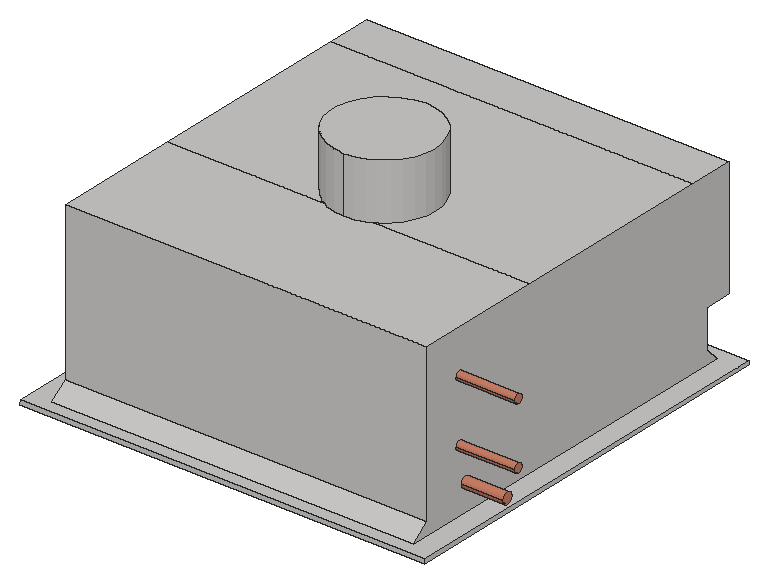
Revit family "HVAC-Chilled_Beam-Dadanco-ACB44", category Mechanical Equipment, Revit 2018
Family settings
  Round Connector Dimension = Use Diameter
  Part Type = Normal
  OmniClass Number = 23.75.70.17.31
  OmniClass Title = Induction Units
  Work Plane-Based = No
  Always vertical = Yes
  Cut with Voids When Loaded = No
  Shared = No
  Room Calculation Point = No
Parameters (values of type "2' Nominal Length")
  not 2plong [instance] = not(and(Long, [2 Pipe Coil Configuration]))  # yes
  chw top right [instance] = and(or([2PLong], [4pshort]), Coil Connection Right)  # no
  chw top left [instance] = and(or([2PLong], [4pshort]), Coil Connection Left)  # no
  chw bot right [instance] = and(Coil Connection Right, not 2plong)  # yes
  chw bot left [instance] = and(Coil Connection Left, not 2plong)  # no
  Zone Name [instance] = ""
  Zone ID [instance] = ""
  Unit Width = 1' - 11 3/4"  # constant formula
  Unit Weight = if(Nominal Unit Length = 2' 0", "55 lb", "105 lb")  # "55 lb"
  Unit Tag [instance] = ""
  Unit Height = 0' - 10 49/256"  # constant formula
  Total Cooling Capacity = 0.0 Btu/h
  TopTwo Pressure Drop [instance] = if(Short, SCHW Pressure Drop, SHHW Pressure Drop)  # 0 Pa
  TopTwo Flow [instance] = if(Short, SCHW Flow, SHHW Flow)  # 0 GPM
  Supply Air = 0 CFM
  Sound Level dBA = ""
  Sound Level NC = ""
  Short = not(Long)  # yes
  Secondary Air Sensible Heating = 0.0 Btu/h
  Secondary Air Sensible Cooling = 0.0 Btu/h
  SHHW Temperature = 0 °F
  SHHW Pressure Drop [instance] = HWPD  # 0 Pa
  SHHW Flow [instance] = HWF  # 0 GPM
  SCHW Temperature = 0 °F
  SCHW Pressure Drop [instance] = CWPD  # 0 Pa
  SCHW Flow [instance] = CWF  # 0 GPM
  Primary Air Static Pressure [instance] = PASP  # 0.00 in-wg
  Primary Air Inlet Top [instance] = not(Primary Air Inlet Back)  # yes
  Primary Air Inlet Size = 0' - 6"
  Primary Air Inlet Back [instance] = no
  Primary Air Flow Rate [instance] = PA  # 0 CFM
  PASP = 0.00 in-wg
  PA = 0 CFM
  Origin1 = Nominal Unit Length / 2  # 1' - 0"
  Nozzle Configuration = ""
  Nominal Unit Length = 2' - 0"
  Net Unit Heating Sensible = 0.0 Btu/h
  Net Unit Cooling Sensible = 0.0 Btu/h
  Unit Length = Nominal Unit Length - 0' 0 1/4"  # 1' - 11 3/4"
  URL = "http://www.dadanco.com/"
  Type Comments = "4-way Discharge Vertical Coil, Optional Drain Pan"  # constant formula
  SHHW Temp Out = 0 °F
  SCHW Temp Out = 0 °F
  Product Page URL = ""
  Long = if(Nominal Unit Length > 3' 0", 1 = 1, 1 = 0)  # no
  Latent Cooling = 0.0 Btu/h
  Keynote = ""
  Heating Supply Air Temperature = 0 °F
  Heating Room Dry Bulb = 0 °F
  Heating Primary Air Dry Bulb = 0 °F
  HWPD = 0 Pa
  HWF = 0 GPM
  Front Back Air Inlet [instance] = or(Primary Air Inlet Top, Primary Air Inlet Back)  # yes
  Pipe Material = Metal-Dadanco-Copper-Satin
  Pipe Coil Outlet = "2 Pipe Coi, 0.5 inch SWT Stub Coil Connection"
  Pipe Coil Inlet = "2 Pipe Coi, 0.5 inch SWT Stub Coil Connection"
  Drain Right [instance] = and(Coil Connection Right, Drain Pan)  # yes
  Drain Pan = yes
  Drain Left [instance] = and(Coil Connection Left, Drain Pan)  # no
  Documentation Link = ""
  Cooling Supply Air Temperature = 0 °F
  Cooling Room Relative Humidity = 0
  Cooling Room Dry Bulb = 0 °F
  Cooling Primary Air Wet Bulb = 0 °F
  Cooling Primary Air Dry Bulb = 0 °F
  Coil Connection Right [instance] = yes
  Coil Connection Left [instance] = not(Coil Connection Right)  # no
  Revision Date = "3/22/2022"  # constant formula
  Coil Length = if(Nominal Unit Length = 2' 0", 2' 0", if(Nominal Unit Length = 4' 0", 3' 4", if(Nominal Unit Length = 6' 0", 5' 4", 0' 0")))  # 2' - 0"
  Model = "ACB44"  # constant formula
  Manufacturer = "Dadanco"  # constant formula
  Housing Material = Metal-Dadanco-Steel-Galvanized
  Description = "Active Chilled Beam"  # constant formula
  CWPD = 0 Pa
  CWF = 0 GPM
  4pshort [instance] = and([4 Pipe Coil Configuration], Short)  # no
  4 Pipe Right [instance] = and([4 Pipe Coil Configuration], Coil Connection Right)  # no
  4 Pipe Left [instance] = and([4 Pipe Coil Configuration], Coil Connection Left)  # no
  4 Pipe Coil Configuration Right Short [instance] = and([4 Pipe Coil Configuration], Coil Connection Right, Short)  # no
  4 Pipe Coil Configuration Right Long [instance] = and([4 Pipe Coil Configuration], Coil Connection Right, Long)  # no
  4 Pipe Coil Configuration Left Short [instance] = and([4 Pipe Coil Configuration], Coil Connection Left, Short)  # no
  4 Pipe Coil Configuration Left Long [instance] = and([4 Pipe Coil Configuration], Coil Connection Left, Long)  # no
  4 Pipe Coil Configuration = if([2 or 4 pipe] = 4, 1 = 1, 1 = 0)  # no
  2PLong [instance] = and([2 Pipe Coil Configuration], Long)  # no
  2 or 4 pipe = 2
  2 Pipe Coil Configuration Right Short [instance] = and([2 Pipe Coil Configuration], Coil Connection Right, Short)  # yes
  2 Pipe Coil Configuration Right Long [instance] = and([2 Pipe Coil Configuration], Coil Connection Right, Long)  # no
  2 Pipe Coil Configuration Left Short [instance] = and([2 Pipe Coil Configuration], Coil Connection Left, Short)  # no
  2 Pipe Coil Configuration Left Long [instance] = and([2 Pipe Coil Configuration], Coil Connection Left, Long)  # no
  2 Pipe Coil Configuration = if([2 or 4 pipe] = 2, 1 = 1, 1 = 0)  # yes
  Assembly Code = "D3040100"
Types (3): name | not 2plong | chw top right | chw bot right | Unit Weight | Short | Origin1 | Nominal Unit Length | Unit Length | Long | Coil Length | 2PLong | 2 Pipe Coil Configuration Right Short | 2 Pipe Coil Configuration Right Long
  (no name) | yes | no | yes | "55 lb" | yes | 1' - 0" | 2' - 0" | 1' - 11 3/4" | no | 2' - 0" | no | yes | no
  4' Nominal Length | no | yes | no | "105 lb" | no | 2' - 0" | 4' - 0" | 3' - 11 3/4" | yes | 3' - 4" | yes | no | yes
  2' Nominal Length | yes | no | yes | "55 lb" | yes | 1' - 0" | 2' - 0" | 1' - 11 3/4" | no | 2' - 0" | no | yes | no
Reference planes (in)
  plane 1 "Center (Front/Back)": y = 0.99087
  plane 2 "Top Face of Plenum": z = 10.19141
  plane 3 "Center (Left/Right)": x = 0.55581
  plane 4 "Right End": x = 12.43081
  plane 5 "Bottom Face": z = 0
  plane 6 "Left End": x = -11.31919
  plane 7 "Back_end": y = 12.86587
  plane 8 "Front End": y = -10.88413
  plane 9 "Sidedct_H": z = 6.69
  plane 10 "sidepl_bnd": z = 1
  plane 11 "bend_frt": y = -9.13413
  plane 12 "bnd_back": y = 11.36587
  plane 13 "plen_bot": z = 3.25
  plane 14 "pln_face": y = 12.99087
  plane 15 "Drain_back": y = 8.36587
  plane 16 "drain_frt": y = -6.38413
  plane 17 "drain_h": z = 1.89
  plane 18 "2p_2FT_rh": y = -6.82913
  plane 19 "BKT-RIGHT": x = 23.18081
  plane 20 "BKT-LEFT": x = -22.06919
  plane 21 "CHW_Bot": z = 4.019
  plane 22 "2P_2FT_H2": z = 7.679
  plane 23 "2P_2FT_LH": y = 8.81087
  plane 24 "2P_4FT_H": z = 4.989
  plane 25 "2P_4FT_H2": z = 7.249
  plane 26 "4P_BOT_TUBE": z = 5.909
  plane 27 "4P_4FT_CHW_TOP": z = 6.379
  plane 28 "back_bkt_outer_hole": y = 8.86587
  plane 29 "Bkt_outerhole_in": y = 7.86587
  plane 30 "bkt_hol_rs": x = 11.93081
  plane 31 "bkt_hole_Ls": x = 11.43081
  plane 32 "bkt_ctr": y = 6.86587
Forms (in)
  Extrusion 1, solid, material "Metal-Dadanco-Steel-Galvanized" <- "Housing Material"
    sketch origin (0.55581, 0, -0.011) x (0, 1, 0) y (0, 0, 1)
      loop
        line (-9.13413, 10.20241) -> (-9.13413, 1.011) -> (-10.13413, 0.25) -> (-10.88413, 0.25) -> (-10.88413, 0) -> (12.86587, 0) -> (12.86587, 0.25) -> (12.12687, 0.25) -> (11.36587, 1.011) -> (11.36587, 3.261) -> (12.99087, 3.261) -> (12.99087, 10.20241) -> (10.36587, 10.20241) -> (-1.63413, 10.20241) -> (-9.13413, 10.20241)
    from -11.875 to 11.875
  Extrusion 2, solid, material "Metal-Dadanco-Steel-Galvanized", visible <- "Primary Air Inlet Back"
    sketch origin (0.55581, 12.99087, 0.45694) x (0, 0, 1) y (1, 0, 0)
      loop
        circle (6.24041, 0) r 3
    from 0 to 2.83
  Extrusion 3, void
    sketch origin (-11.31919, 0, -0.011) x (0, 1, 0) y (0, 0, 1)
      loop
        line (12.99087, 10.20241) -> (-10.88413, 10.20241) -> (-10.88413, 0.25) -> (12.99087, 0.25) -> (12.99087, 10.20241)
    from 0 to 1.25
  Extrusion 4, solid, material "Metal-Dadanco-Steel-Galvanized", visible <- "Primary Air Inlet Top"
    sketch origin (0.55581, 9.34681, 10.19141) x (0, -1, 0) y (1, 0, 0)
      loop
        circle (8.3446, 0) r 3
    from 0 to 3.30078
  Extrusion 5, void
    sketch origin (12.43081, 0, -0.011) x (0, -1, 0) y (0, 0, 1)
      loop
        line (-12.99087, 10.20241) -> (-12.99087, 0.25) -> (10.88413, 0.25) -> (10.88413, 10.20241) -> (-12.99087, 10.20241)
    from 0 to 1.25
  Extrusion 6, solid, material "Metal-Dadanco-Copper-Satin" <- "Pipe Material", visible <- "Drain Right"
    sketch origin (12.43081, 0, 0) x (0, 1, 0) y (0, 0, -1)
      loop
        circle (-6.38413, -1.89) r 0.3125
    from 1.25 to -1.25
  Extrusion 7, solid, material "Metal-Dadanco-Copper-Satin" <- "Pipe Material", visible <- "Drain Left"
    sketch origin (-11.31919, 29.0104, 48) x (0, 1, 0) y (0, 0, 1)
      loop
        circle (-20.64453, -46.11) r 0.3125
    from 1.25 to -1.25
  Extrusion 8, solid, material "Metal-Dadanco-Copper-Satin" <- "Pipe Material", visible <- "2 Pipe Coil Configuration Right Short"
    sketch origin (12.43081, -5.61829, 4.02293) x (0, 1, 0) y (0, 0, -1)
      loop
        circle (-1.21075, -3.65593) r 0.25
    from 1.25 to -2.25
  Extrusion 9, solid, material "Metal-Dadanco-Copper-Satin" <- "Pipe Material", visible <- "chw bot right"
    sketch origin (12.43081, -5.61733, 0.16814) x (0, 1, 0) y (0, 0, -1)
      loop
        circle (-1.21198, -3.85143) r 0.25
    from 1.25 to -2.25
  Extrusion 10, solid, material "Metal-Dadanco-Copper-Satin" <- "Pipe Material", visible <- "chw bot left"
    sketch origin (-11.31919, 29.0104, 48) x (0, 1, 0) y (0, 0, 1)
      loop
        circle (-20.19881, -43.98147) r 0.25
    from 1.25 to -2.25
  Extrusion 11, solid, material "Metal-Dadanco-Copper-Satin" <- "Pipe Material", visible <- "2 Pipe Coil Configuration Left Short"
    sketch origin (-11.31919, 36.83806, 47.64518) x (0, 1, 0) y (0, 0, 1)
      loop
        circle (-28.02802, -39.96586) r 0.25
    from 1.25 to -2.25
  Extrusion 12, solid, material "Metal-Dadanco-Copper-Satin" <- "Pipe Material", visible <- "chw top right"
    sketch origin (12.43081, 0, 0) x (0, 1, 0) y (0, 0, -1)
      loop
        circle (-6.82913, -7.249) r 0.25
    from 1.25 to -2.25
  Extrusion 13, solid, material "Metal-Dadanco-Copper-Satin" <- "Pipe Material", visible <- "2 Pipe Coil Configuration Right Long"
    sketch origin (12.43081, 0, -2.33) x (0, 1, 0) y (0, 0, -1)
      loop
        circle (-6.82913, -7.319) r 0.25
    from 1.25 to -2.25
  Extrusion 14, solid, material "Metal-Dadanco-Copper-Satin" <- "Pipe Material", visible <- "chw top left"
    sketch origin (-11.31919, 29.0104, 48) x (0, 1, 0) y (0, 0, 1)
      loop
        circle (-20.19953, -40.751) r 0.25
    from 1.25 to -2.25
  Extrusion 15, solid, material "Metal-Dadanco-Copper-Satin" <- "Pipe Material", visible <- "2 Pipe Coil Configuration Left Long"
    sketch origin (-11.31919, 29.0104, 45.67) x (0, 1, 0) y (0, 0, 1)
      loop
        circle (-20.19953, -40.681) r 0.25
    from 1.25 to -2.25
  Extrusion 16, solid, material "Metal-Dadanco-Copper-Satin" <- "Pipe Material", visible <- "4 Pipe Coil Configuration Right Long"
    sketch origin (12.43081, 0, 0) x (0, 1, 0) y (0, 0, -1)
      loop
        circle (8.81087, -7.679) r 0.24911
    from 1.25 to -2.25
  Extrusion 17, solid, material "Metal-Dadanco-Copper-Satin" <- "Pipe Material", visible <- "2 Pipe Coil Configuration Left Short"
    sketch origin (-11.31919, 29.0104, 48) x (0, 1, 0) y (0, 0, 1)
      loop
        circle (-20.19953, -40.321) r 0.24911
    from 1.25 to -2.25
  Extrusion 18, solid, material "Metal-Dadanco-Copper-Satin" <- "Pipe Material", visible <- "4 Pipe Right"
    sketch origin (12.43081, 0, 0) x (0, 1, 0) y (0, 0, -1)
      loop
        circle (8.81087, -5.909) r 0.25
    from 1.25 to -2.25
  Extrusion 19, solid, material "Metal-Dadanco-Copper-Satin" <- "Pipe Material", visible <- "4 Pipe Left"
    sketch origin (-11.31919, 29.0104, 48) x (0, 1, 0) y (0, 0, 1)
      loop
        circle (-35.83953, -42.091) r 0.25
    from 1.25 to -2.25
  Extrusion 20, solid, material "Metal-Dadanco-Copper-Satin" <- "Pipe Material", visible <- "4 Pipe Coil Configuration Right Long"
    sketch origin (12.43081, 0, 0) x (0, 1, 0) y (0, 0, -1)
      loop
        circle (-6.82913, -6.379) r 0.25
    from 1.25 to -2.25
  Extrusion 21, solid, material "Metal-Dadanco-Copper-Satin" <- "Pipe Material", visible <- "4 Pipe Coil Configuration Left Long"
    sketch origin (-11.31919, 29.0104, 48) x (0, 1, 0) y (0, 0, 1)
      loop
        circle (-20.19953, -41.621) r 0.25
    from 1.25 to -2.25
  Extrusion 22, solid, material "Metal-Dadanco-Copper-Satin" <- "Pipe Material", visible <- "4 Pipe Coil Configuration Left Long"
    sketch origin (-11.31919, 29.0104, 48) x (0, 1, 0) y (0, 0, 1)
      loop
        circle (-35.83953, -40.321) r 0.2499
    from 1.25 to -2.25
  Extrusion 23, solid, material "Metal-Dadanco-Copper-Satin" <- "Pipe Material", visible <- "4 Pipe Coil Configuration Right Short"
    sketch origin (12.43081, 0, 0) x (0, 1, 0) y (0, 0, -1)
      loop
        circle (8.81087, -7.249) r 0.25
    from 1.25 to -2.25
  Extrusion 24, solid, material "Metal-Dadanco-Copper-Satin" <- "Pipe Material", visible <- "4 Pipe Coil Configuration Left Short"
    sketch origin (-11.31919, 29.0104, 48) x (0, 1, 0) y (0, 0, 1)
      loop
        circle (-35.83953, -40.751) r 0.25
    from 1.25 to -2.25
  Extrusion 25, solid, material "Metal-Dadanco-Steel-Galvanized" <- "Housing Material", not visible
    sketch origin (0, 0.99087, 0) x (1, 0, 0) y (0, 0, 1)
      loop
        line (11.18081, 9.94141) -> (11.18081, 9.38141) -> (11.24081, 9.38141) -> (11.24081, 9.88141) -> (12.18081, 9.88141) -> (12.18081, 9.94141) -> (11.18081, 9.94141)
    from -8.5 to -3.25
  Extrusion 26, void
    sketch origin (11.18081, 0.99087, 9.94141) x (0, 1, 0) y (1, 0, 0)
      loop
        spline (7.62886, 0.25) -> (7.69356, 0.25852) -> (7.75386, 0.28349) -> (7.80563, 0.32322) -> (7.84536, 0.375) -> (7.87034, 0.4353) -> (7.87886, 0.5) -> (7.87034, 0.5647) -> (7.84536, 0.625) -> (7.80563, 0.67678) -> (7.75386, 0.71651) -> (7.69356, 0.74148) -> (7.62886, 0.75)
        line (7.62886, 0.75) -> (7.125, 0.75)
        spline (7.125, 0.75) -> (7.0603, 0.74148) -> (7, 0.71651) -> (6.94822, 0.67678) -> (6.90849, 0.625) -> (6.88352, 0.5647) -> (6.875, 0.5) -> (6.88352, 0.4353) -> (6.90849, 0.375) -> (6.94822, 0.32322) -> (7, 0.28349) -> (7.0603, 0.25852) -> (7.125, 0.25)
        line (7.125, 0.25) -> (7.62886, 0.25)
    from 0.0625 to -0.0625
  Extrusion 27, void
    sketch origin (11.18081, 12.74087, 9.94141) x (0, 1, 0) y (1, 0, 0)
      loop
        line (-7.62886, 0.25) -> (-7.125, 0.25)
        spline (-7.125, 0.25) -> (-7.0603, 0.25852) -> (-7, 0.28349) -> (-6.94822, 0.32322) -> (-6.90849, 0.375) -> (-6.88352, 0.4353) -> (-6.875, 0.5) -> (-6.88352, 0.5647) -> (-6.90849, 0.625) -> (-6.94822, 0.67678) -> (-7, 0.71651) -> (-7.0603, 0.74148) -> (-7.125, 0.75)
        line (-7.125, 0.75) -> (-7.62886, 0.75)
        spline (-7.62886, 0.75) -> (-7.69356, 0.74148) -> (-7.75386, 0.71651) -> (-7.80563, 0.67678) -> (-7.84536, 0.625) -> (-7.87034, 0.5647) -> (-7.87886, 0.5) -> (-7.87034, 0.4353) -> (-7.84536, 0.375) -> (-7.80563, 0.32322) -> (-7.75386, 0.28349) -> (-7.69356, 0.25852) -> (-7.62886, 0.25)
    from 0.0625 to -0.0625
  Extrusion 28, solid, material "Metal-Dadanco-Steel-Galvanized" <- "Housing Material", not visible
    sketch origin (1.11162, 0.99087, 0) x (-1, 0, 0) y (0, 0, -1)
      loop
        line (11.18081, -9.94141) -> (12.18081, -9.94141) -> (12.18081, -9.88141) -> (11.24081, -9.88141) -> (11.24081, -9.38141) -> (11.18081, -9.38141) -> (11.18081, -9.94141)
    from -8.5 to -3.25
  Extrusion 29, void
    sketch origin (-10.06919, 0.99087, 9.94141) x (0, -1, 0) y (-1, 0, 0)
      loop
        line (-7.62886, 0.25) -> (-7.125, 0.25)
        spline (-7.125, 0.25) -> (-7.0603, 0.25852) -> (-7, 0.28349) -> (-6.94822, 0.32322) -> (-6.90849, 0.375) -> (-6.88352, 0.4353) -> (-6.875, 0.5) -> (-6.88352, 0.5647) -> (-6.90849, 0.625) -> (-6.94822, 0.67678) -> (-7, 0.71651) -> (-7.0603, 0.74148) -> (-7.125, 0.75)
        line (-7.125, 0.75) -> (-7.62886, 0.75)
        spline (-7.62886, 0.75) -> (-7.69356, 0.74148) -> (-7.75386, 0.71651) -> (-7.80563, 0.67678) -> (-7.84536, 0.625) -> (-7.87034, 0.5647) -> (-7.87886, 0.5) -> (-7.87034, 0.4353) -> (-7.84536, 0.375) -> (-7.80563, 0.32322) -> (-7.75386, 0.28349) -> (-7.69356, 0.25852) -> (-7.62886, 0.25)
    from 0.0625 to -0.0625
  Extrusion 30, void
    sketch origin (-10.06919, -10.75913, 9.94141) x (0, -1, 0) y (-1, 0, 0)
      loop
        spline (-15.87114, 0.25) -> (-15.80644, 0.25852) -> (-15.74614, 0.28349) -> (-15.69437, 0.32322) -> (-15.65464, 0.375) -> (-15.62966, 0.4353) -> (-15.62114, 0.5) -> (-15.62966, 0.5647) -> (-15.65464, 0.625) -> (-15.69437, 0.67678) -> (-15.74614, 0.71651) -> (-15.80644, 0.74148) -> (-15.87114, 0.75)
        line (-15.87114, 0.75) -> (-16.375, 0.75)
        spline (-16.375, 0.75) -> (-16.4397, 0.74148) -> (-16.5, 0.71651) -> (-16.55178, 0.67678) -> (-16.59151, 0.625) -> (-16.61648, 0.5647) -> (-16.625, 0.5) -> (-16.61648, 0.4353) -> (-16.59151, 0.375) -> (-16.55178, 0.32322) -> (-16.5, 0.28349) -> (-16.4397, 0.25852) -> (-16.375, 0.25)
        line (-16.375, 0.25) -> (-15.87114, 0.25)
    from 0.0625 to -0.0625
  Extrusion 31, solid, material "Metal-Dadanco-Steel-Galvanized" <- "Housing Material", not visible
    sketch origin (0, 0.99087, 0) x (1, 0, 0) y (0, 0, -1)
      loop
        line (11.18081, -9.94141) -> (12.18081, -9.94141) -> (12.18081, -9.88141) -> (11.24081, -9.88141) -> (11.24081, -9.38141) -> (11.18081, -9.38141) -> (11.18081, -9.94141)
    from -8.5 to -3.25
  Extrusion 32, void
    sketch origin (11.18081, 0.99087, 9.94141) x (0, 1, 0) y (1, 0, 0)
      loop
        line (-7.62886, 0.25) -> (-7.125, 0.25)
        spline (-7.125, 0.25) -> (-7.0603, 0.25852) -> (-7, 0.28349) -> (-6.94822, 0.32322) -> (-6.90849, 0.375) -> (-6.88352, 0.4353) -> (-6.875, 0.5) -> (-6.88352, 0.5647) -> (-6.90849, 0.625) -> (-6.94822, 0.67678) -> (-7, 0.71651) -> (-7.0603, 0.74148) -> (-7.125, 0.75)
        line (-7.125, 0.75) -> (-7.62886, 0.75)
        spline (-7.62886, 0.75) -> (-7.69356, 0.74148) -> (-7.75386, 0.71651) -> (-7.80563, 0.67678) -> (-7.84536, 0.625) -> (-7.87034, 0.5647) -> (-7.87886, 0.5) -> (-7.87034, 0.4353) -> (-7.84536, 0.375) -> (-7.80563, 0.32322) -> (-7.75386, 0.28349) -> (-7.69356, 0.25852) -> (-7.62886, 0.25)
    from 0.0625 to -0.0625
  Extrusion 33, void
    sketch origin (11.18081, 12.74087, 9.94141) x (0, 1, 0) y (1, 0, 0)
      loop
        spline (-15.87114, 0.25) -> (-15.80644, 0.25852) -> (-15.74614, 0.28349) -> (-15.69437, 0.32322) -> (-15.65464, 0.375) -> (-15.62966, 0.4353) -> (-15.62114, 0.5) -> (-15.62966, 0.5647) -> (-15.65464, 0.625) -> (-15.69437, 0.67678) -> (-15.74614, 0.71651) -> (-15.80644, 0.74148) -> (-15.87114, 0.75)
        line (-15.87114, 0.75) -> (-16.375, 0.75)
        spline (-16.375, 0.75) -> (-16.4397, 0.74148) -> (-16.5, 0.71651) -> (-16.55178, 0.67678) -> (-16.59151, 0.625) -> (-16.61648, 0.5647) -> (-16.625, 0.5) -> (-16.61648, 0.4353) -> (-16.59151, 0.375) -> (-16.55178, 0.32322) -> (-16.5, 0.28349) -> (-16.4397, 0.25852) -> (-16.375, 0.25)
        line (-16.375, 0.25) -> (-15.87114, 0.25)
    from 0.0625 to -0.0625
  Extrusion 34, solid, material "Metal-Dadanco-Steel-Galvanized" <- "Housing Material", not visible
    sketch origin (1.11162, 0.99087, 0) x (-1, 0, 0) y (0, 0, 1)
      loop
        line (11.18081, 9.94141) -> (11.18081, 9.38141) -> (11.24081, 9.38141) -> (11.24081, 9.88141) -> (12.18081, 9.88141) -> (12.18081, 9.94141) -> (11.18081, 9.94141)
    from -8.5 to -3.25
  Extrusion 35, void
    sketch origin (-10.06919, 0.99087, 9.94141) x (0, -1, 0) y (-1, 0, 0)
      loop
        spline (7.62886, 0.25) -> (7.69356, 0.25852) -> (7.75386, 0.28349) -> (7.80563, 0.32322) -> (7.84536, 0.375) -> (7.87034, 0.4353) -> (7.87886, 0.5) -> (7.87034, 0.5647) -> (7.84536, 0.625) -> (7.80563, 0.67678) -> (7.75386, 0.71651) -> (7.69356, 0.74148) -> (7.62886, 0.75)
        line (7.62886, 0.75) -> (7.125, 0.75)
        spline (7.125, 0.75) -> (7.0603, 0.74148) -> (7, 0.71651) -> (6.94822, 0.67678) -> (6.90849, 0.625) -> (6.88352, 0.5647) -> (6.875, 0.5) -> (6.88352, 0.4353) -> (6.90849, 0.375) -> (6.94822, 0.32322) -> (7, 0.28349) -> (7.0603, 0.25852) -> (7.125, 0.25)
        line (7.125, 0.25) -> (7.62886, 0.25)
    from 0.0625 to -0.0625
  Extrusion 36, void
    sketch origin (-10.06919, -10.75913, 9.94141) x (0, -1, 0) y (-1, 0, 0)
      loop
        line (-7.62886, 0.25) -> (-7.125, 0.25)
        spline (-7.125, 0.25) -> (-7.0603, 0.25852) -> (-7, 0.28349) -> (-6.94822, 0.32322) -> (-6.90849, 0.375) -> (-6.88352, 0.4353) -> (-6.875, 0.5) -> (-6.88352, 0.5647) -> (-6.90849, 0.625) -> (-6.94822, 0.67678) -> (-7, 0.71651) -> (-7.0603, 0.74148) -> (-7.125, 0.75)
        line (-7.125, 0.75) -> (-7.62886, 0.75)
        spline (-7.62886, 0.75) -> (-7.69356, 0.74148) -> (-7.75386, 0.71651) -> (-7.80563, 0.67678) -> (-7.84536, 0.625) -> (-7.87034, 0.5647) -> (-7.87886, 0.5) -> (-7.87034, 0.4353) -> (-7.84536, 0.375) -> (-7.80563, 0.32322) -> (-7.75386, 0.28349) -> (-7.69356, 0.25852) -> (-7.62886, 0.25)
    from 0.0625 to -0.0625
Cuts and joins
  Extrusion 3, Extrusion 5 cuts Extrusion 1
  Extrusion 26, Extrusion 27, Extrusion 29, Extrusion 30, Extrusion 32, Extrusion 33 cuts Extrusion 25
  Extrusion 29, Extrusion 30, Extrusion 33, Extrusion 35, Extrusion 36 cuts Extrusion 28
  Extrusion 32, Extrusion 33 cuts Extrusion 31
  Extrusion 35, Extrusion 36 cuts Extrusion 34
Lines and regions (in)
  model lines, detail levels medium+fine
    curve 1: line (-11.31919, -6.39163, 0) -> (12.43081, -6.39163, 0)
    curve 2: line (-11.31919, 5.62637, 0) -> (12.43081, 5.62637, 0)
  symbolic lines, not visible, detail levels medium+fine
    curve 3: arc (0.43081, -5.48123, 8.17141) -> (0.55581, -5.48123, 8.29641) -> (0.68081, -5.48123, 8.17141) r 0.125
    curve 4: arc (0.68081, -5.48123, 8.17141) -> (0.55581, -5.48123, 8.04641) -> (0.43081, -5.48123, 8.17141) r 0.125
  symbolic lines, detail levels medium+fine
    curve 5: line (-11.31919, -10.88413, 0) -> (12.43081, -10.88413, 0)
    curve 6: line (12.43081, 12.86587, 9.94141) -> (-11.31919, 12.86587, 9.94141)
Dimensions and locks (in)
  equal spacing: plane 6 "Left End", plane 3 "Center (Left/Right)", plane 4 "Right End"
  "Unit Length": plane 6 "Left End" to plane 4 "Right End"
  "Unit Height": plane 2 "Top Face of Plenum" to plane 5 "Bottom Face"
  Extrusion 2 to Extrusion 2 = 0' - 2.83"
  locked: plane 3 "Center (Left/Right)" to Extrusion 2 sketch curve at 0
  plane 1 "Center (Front/Back)" to Extrusion 4 sketch curve = 0' - 0.01135"
  locked: Extrusion 4 sketch curve to plane 3 "Center (Left/Right)" at 0
  plane 8 "Front End" to plane 7 "Back_end" = 1' - 11 3/4"
  equal spacing: plane 7 "Back_end", plane 1 "Center (Front/Back)", plane 8 "Front End"
  plane 5 "Bottom Face" to plane 9 "Sidedct_H" = 0' - 6.69"
  cut or joined group of Extrusion 1, Extrusion 3, Extrusion 5 to Extrusion 25 = 0' - 1 1/4"
  locked: plane 4 "Right End" to Extrusion 25 at 1.25
  locked: cut or joined group of Extrusion 1, Extrusion 3, Extrusion 5 to Extrusion 31 at 1.25
  aligned and locked: plane 5 "Bottom Face" to level
  aligned and locked: Extrusion 1 to plane 6 "Left End"
  aligned and locked: Extrusion 1 to plane 4 "Right End"
  aligned and locked: plane 8 "Front End" to cut or joined group of Extrusion 1, Extrusion 3, Extrusion 5
Automatic sketch dimensions
  Extrusion 1 sketch curve to plane 8 "Front End" = 0' - 0"
  Extrusion 1 sketch curve to plane 2 "Top Face of Plenum" = 0' - 0"
  Extrusion 1 sketch curve to plane 11 "bend_frt" = 0' - 0"
  Extrusion 1 sketch curve to plane 12 "bnd_back" = 0' - 0"
  Extrusion 1 sketch curve to plane 7 "Back_end" = 0' - 0"
  Extrusion 1 sketch curve to plane 14 "pln_face" = 0' - 0"
  Extrusion 1 sketch curve to plane 10 "sidepl_bnd" = 0' - 0"  (x2)
  Extrusion 1 sketch curve to plane 13 "plen_bot" = 0' - 0"
  level to Extrusion 1 sketch curve = 0' - 0.239"  (x2)
  plane 8 "Front End" to Extrusion 1 sketch curve = 0' - 0 3/4"
  plane 1 "Center (Front/Back)" to Extrusion 1 sketch curve = 0' - 2 5/8"
  Extrusion 1 sketch curve to plane 12 "bnd_back" = 0' - 1"
  plane 7 "Back_end" to Extrusion 1 sketch curve = 0' - 0.739"
  Extrusion 1 sketch curve to level = 0' - 0.011"
  curve 1 to plane 4 "Right End" = 0' - 0"
  curve 2 to plane 4 "Right End" = 0' - 0"
  curve 5 to plane 4 "Right End" = 0' - 0"
  curve 5 to plane 6 "Left End" = 0' - 0"
  curve 2 to plane 6 "Left End" = 0' - 0"
  curve 1 to plane 6 "Left End" = 0' - 0"
  curve 5 to plane 8 "Front End" = 0' - 0"
  curve 1 to plane 16 "drain_frt" = 0' - 0.0075"
  plane 32 "bkt_ctr" to curve 2 = 0' - 1.2395"
  curve 3 to curve 4 = 0' - 0"  (x2)
  curve 4 to plane 3 "Center (Left/Right)" = 0' - 0"
  plane 22 "2P_2FT_H2" to curve 4 = 0' - 0.49241"
  plane 3 "Center (Left/Right)" to curve 3 = 0' - 0 1/8"
  plane 9 "Sidedct_H" to Extrusion 2 sketch curve = 0' - 0.00734"
  Extrusion 3 sketch curve to Extrusion 1 = 0' - 0"  (x3)
  Extrusion 1 to Extrusion 3 sketch curve = 0' - 0"
  Extrusion 5 sketch curve to Extrusion 1 = 0' - 0"  (x4)
  curve 6 to plane 4 "Right End" = 0' - 0"
  curve 6 to plane 6 "Left End" = 0' - 0"
  plane 7 "Back_end" to curve 6 = 0' - 0"
  Extrusion 6 sketch curve to plane 16 "drain_frt" = 0' - 0"
  Extrusion 6 sketch curve to plane 17 "drain_h" = 0' - 0"
  Extrusion 7 sketch curve to plane 15 "Drain_back" = 0' - 0"
  Extrusion 7 sketch curve to plane 17 "drain_h" = 0' - 0"
  Extrusion 8 sketch curve to plane 18 "2p_2FT_rh" = 0' - 0.0001"
  plane 22 "2P_2FT_H2" to Extrusion 8 sketch curve = 0' - 0.00014"
  plane 18 "2p_2FT_rh" to Extrusion 9 sketch curve = 0' - 0.00019"
  Extrusion 9 sketch curve to plane 21 "CHW_Bot" = 0' - 0.00057"
  plane 23 "2P_2FT_LH" to Extrusion 10 sketch curve = 0' - 0.00072"
  Extrusion 10 sketch curve to plane 21 "CHW_Bot" = 0' - 0.00047"
  plane 22 "2P_2FT_H2" to Extrusion 11 sketch curve = 0' - 0.00031"
  Extrusion 11 sketch curve to plane 23 "2P_2FT_LH" = 0' - 0.00083"
  Extrusion 12 sketch curve to plane 18 "2p_2FT_rh" = 0' - 0"
  Extrusion 12 sketch curve to plane 25 "2P_4FT_H2" = 0' - 0"
  Extrusion 13 sketch curve to plane 18 "2p_2FT_rh" = 0' - 0"
  Extrusion 13 sketch curve to plane 24 "2P_4FT_H" = 0' - 0"
  Extrusion 14 sketch curve to plane 23 "2P_2FT_LH" = 0' - 0"
  Extrusion 14 sketch curve to plane 25 "2P_4FT_H2" = 0' - 0"
  Extrusion 15 sketch curve to plane 23 "2P_2FT_LH" = 0' - 0"
  Extrusion 15 sketch curve to plane 24 "2P_4FT_H" = 0' - 0"
  Extrusion 16 sketch curve to plane 22 "2P_2FT_H2" = 0' - 0"
  Extrusion 16 sketch curve to plane 23 "2P_2FT_LH" = 0' - 0"
  Extrusion 17 sketch curve to plane 22 "2P_2FT_H2" = 0' - 0"
  Extrusion 17 sketch curve to plane 23 "2P_2FT_LH" = 0' - 0"
  Extrusion 18 sketch curve to plane 23 "2P_2FT_LH" = 0' - 0"
  Extrusion 18 sketch curve to plane 26 "4P_BOT_TUBE" = 0' - 0"
  Extrusion 19 sketch curve to plane 18 "2p_2FT_rh" = 0' - 0"
  Extrusion 19 sketch curve to plane 26 "4P_BOT_TUBE" = 0' - 0"
  Extrusion 20 sketch curve to plane 18 "2p_2FT_rh" = 0' - 0"
  Extrusion 20 sketch curve to plane 27 "4P_4FT_CHW_TOP" = 0' - 0"
  Extrusion 21 sketch curve to plane 23 "2P_2FT_LH" = 0' - 0"
  Extrusion 21 sketch curve to plane 27 "4P_4FT_CHW_TOP" = 0' - 0"
  Extrusion 22 sketch curve to plane 18 "2p_2FT_rh" = 0' - 0"
  Extrusion 22 sketch curve to plane 22 "2P_2FT_H2" = 0' - 0"
  Extrusion 23 sketch curve to plane 23 "2P_2FT_LH" = 0' - 0"
  Extrusion 23 sketch curve to plane 25 "2P_4FT_H2" = 0' - 0"
  Extrusion 24 sketch curve to plane 18 "2p_2FT_rh" = 0' - 0"
  Extrusion 24 sketch curve to plane 25 "2P_4FT_H2" = 0' - 0"
  Extrusion 25 sketch curve to plane 31 "bkt_hole_Ls" = 0' - 0 1/4"
  Extrusion 25 sketch curve to Extrusion 25 sketch curve = 0' - 0.06"  (x2)
  plane 4 "Right End" to Extrusion 25 sketch curve = 0' - 0 1/4"
  Extrusion 25 sketch curve to plane 2 "Top Face of Plenum" = 0' - 0.81"
  Extrusion 25 sketch curve to plane 2 "Top Face of Plenum" = 0' - 0.31"
  Extrusion 26 sketch curve to Extrusion 25 = 0' - 0 1/4"  (x2)
  Extrusion 25 to Extrusion 26 sketch curve = 0' - 1 3/8"
  Extrusion 26 sketch curve to Extrusion 26 sketch curve = 0' - 0.50386"
  Extrusion 27 sketch curve to Extrusion 25 = 0' - 0 1/4"  (x2)
  Extrusion 25 to Extrusion 27 sketch curve = 0' - 0.87114"
  Extrusion 27 sketch curve to Extrusion 27 sketch curve = 0' - 0.50386"
  plane 2 "Top Face of Plenum" to Extrusion 28 sketch curve = 0' - 0 1/4"
  Extrusion 28 sketch curve to plane 6 "Left End" = 0' - 1 1/4"
  Extrusion 28 sketch curve to Extrusion 28 sketch curve = 0' - 0.06"  (x2)
  Extrusion 28 sketch curve to plane 6 "Left End" = 0' - 0 1/4"
  Extrusion 28 sketch curve to Extrusion 28 sketch curve = 0' - 0 1/2"
  Extrusion 29 sketch curve to Extrusion 28 = 0' - 0 1/4"  (x2)
  Extrusion 28 to Extrusion 29 sketch curve = 0' - 0.87114"
  Extrusion 29 sketch curve to Extrusion 29 sketch curve = 0' - 0.50386"
  Extrusion 30 sketch curve to Extrusion 28 = 0' - 0 1/4"  (x2)
  Extrusion 28 to Extrusion 30 sketch curve = 0' - 1 3/8"
  Extrusion 30 sketch curve to Extrusion 30 sketch curve = 0' - 0.50386"
  Extrusion 31 sketch curve to plane 31 "bkt_hole_Ls" = 0' - 0 1/4"
  Extrusion 31 sketch curve to Extrusion 31 sketch curve = 0' - 0.06"  (x2)
  plane 4 "Right End" to Extrusion 31 sketch curve = 0' - 0 1/4"
  Extrusion 31 sketch curve to plane 2 "Top Face of Plenum" = 0' - 0 1/4"
  Extrusion 31 sketch curve to Extrusion 31 sketch curve = 0' - 0 1/2"
  Extrusion 32 sketch curve to Extrusion 31 = 0' - 0 1/4"  (x2)
  Extrusion 31 to Extrusion 32 sketch curve = 0' - 0.87114"
  Extrusion 32 sketch curve to Extrusion 32 sketch curve = 0' - 0.50386"
  Extrusion 33 sketch curve to Extrusion 31 = 0' - 0 1/4"  (x2)
  Extrusion 31 to Extrusion 33 sketch curve = 0' - 1 3/8"
  Extrusion 33 sketch curve to Extrusion 33 sketch curve = 0' - 0.50386"
  Extrusion 34 sketch curve to plane 2 "Top Face of Plenum" = 0' - 0 1/4"
  plane 6 "Left End" to Extrusion 34 sketch curve = 0' - 1 1/4"
  Extrusion 34 sketch curve to Extrusion 34 sketch curve = 0' - 0.06"  (x2)
  plane 6 "Left End" to Extrusion 34 sketch curve = 0' - 0 1/4"
  Extrusion 34 sketch curve to Extrusion 34 sketch curve = 0' - 0 1/2"
  Extrusion 35 sketch curve to Extrusion 34 = 0' - 0 1/4"  (x2)
  Extrusion 34 to Extrusion 35 sketch curve = 0' - 1 3/8"
  Extrusion 35 sketch curve to Extrusion 35 sketch curve = 0' - 0.50386"
  Extrusion 36 sketch curve to Extrusion 34 = 0' - 0 1/4"  (x2)
  Extrusion 34 to Extrusion 36 sketch curve = 0' - 0.87114"
  Extrusion 36 sketch curve to Extrusion 36 sketch curve = 0' - 0.50386"
  radius of Extrusion 2 sketch curve = 0' - 3"
  radius of Extrusion 4 sketch curve = 0' - 3"
  radius of Extrusion 6 sketch curve = 0' - 0 5/16"
  radius of Extrusion 7 sketch curve = 0' - 0 5/16"
  radius of Extrusion 8 sketch curve = 0' - 0 1/4"
  radius of Extrusion 9 sketch curve = 0' - 0 1/4"
  radius of Extrusion 10 sketch curve = 0' - 0 1/4"
  radius of Extrusion 11 sketch curve = 0' - 0 1/4"
  radius of Extrusion 12 sketch curve = 0' - 0 1/4"
  radius of Extrusion 13 sketch curve = 0' - 0 1/4"
  radius of Extrusion 14 sketch curve = 0' - 0 1/4"
  radius of Extrusion 15 sketch curve = 0' - 0 1/4"
  radius of Extrusion 16 sketch curve = 0' - 0.24911"
  radius of Extrusion 17 sketch curve = 0' - 0.24911"
  radius of Extrusion 18 sketch curve = 0' - 0 1/4"
  radius of Extrusion 19 sketch curve = 0' - 0 1/4"
  radius of Extrusion 20 sketch curve = 0' - 0 1/4"
  radius of Extrusion 21 sketch curve = 0' - 0 1/4"
  radius of Extrusion 22 sketch curve = 0' - 0.2499"
  radius of Extrusion 23 sketch curve = 0' - 0 1/4"
  radius of Extrusion 24 sketch curve = 0' - 0 1/4"
Connectors (in)
  hvac at (0.55581, 15.82087, 6.69734), driven by "Primary Air Flow Rate", driven by "Primary Air Static Pressure", driven by "Primary Air Inlet Size"
    settings: on Extrusion 2, index 3, duct flow 0 CFM, flow factor 0, pres drop 0.00 in-wg, loss coef 0, conn angle 0.00°, conn width 7 215/256", conn height 2 41/64", conn diameter 6", duct sys type 1, conn prof type 0, flow config 1, flow direction 1, loss method 4, conn ref index -1, conn util no, is conn primary yes, conn desc "Primary Air Inlet Back (E)"
  hvac at (0.55581, 1.00222, 13.49219), driven by "Primary Air Static Pressure", driven by "Primary Air Flow Rate", driven by "Primary Air Inlet Size"
    settings: on Extrusion 4, index 21, duct flow 0 CFM, flow factor 0, pres drop 0.00 in-wg, loss coef 0, conn angle 0.00°, conn width 12", conn height 12", conn diameter 6", duct sys type 1, conn prof type 0, flow config 1, flow direction 1, loss method 4, conn ref index -1, conn util no, is conn primary no, conn desc "Primary Air Inlet Top"
  piping at (-12.56919, 8.36587, 1.89), diameter 0.625
    settings: on Extrusion 7, index 22, connector inside diameter 24", connector length 0' - 0", flow factor 0, pipe flow 0 GPM, pressure drop 0 Pa, fitting loss kfactor 0, connector angle 0.00°, fixture units 0, engagement length 0' - 0", angle of deflection 0.00°, flow configuration 0, flow direction 2, fitting loss method 0, system type 16, joint type 0, gender type 0, connector reference index -1, connector utility 0, adjustable connector no, is connector primary yes, connector description "Drain Connection Left"
  piping at (-13.56919, 8.81159, 4.01853), diameter 0.5, driven by "SCHW Flow", driven by "SCHW Pressure Drop"
    settings: on Extrusion 10, index 23, connector inside diameter 24", connector length 0' - 0", flow factor 0, pipe flow 0 GPM, pressure drop 0 Pa, fitting loss kfactor 0, connector angle 0.00°, fixture units 0, engagement length 0' - 0", angle of deflection 0.00°, flow configuration 1, flow direction 1, fitting loss method 4, system type 7, joint type 0, gender type 0, connector reference index -1, connector utility 0, adjustable connector no, is connector primary no, connector description "CHW Supply Left"
  piping at (-13.56919, 8.81087, 4.989), diameter 0.5, driven by "SCHW Flow", driven by "CWPD"
    settings: on Extrusion 15, index 24, connector inside diameter 24", connector length 0' - 0", flow factor 0, pipe flow 0 GPM, pressure drop 0 Pa, fitting loss kfactor 0, connector angle 0.00°, fixture units 0, engagement length 0' - 0", angle of deflection 0.00°, flow configuration 1, flow direction 1, fitting loss method 4, system type 7, joint type 0, gender type 0, connector reference index -1, connector utility 0, adjustable connector no, is connector primary no, connector description "chw supply left 2"
  piping at (-13.56919, 8.81087, 6.379), diameter 0.5, driven by "SCHW Flow", driven by "SCHW Pressure Drop"
    settings: on Extrusion 21, index 25, connector inside diameter 24", connector length 0' - 0", flow factor 0, pipe flow 0 GPM, pressure drop 0 Pa, fitting loss kfactor 0, connector angle 0.00°, fixture units 0, engagement length 0' - 0", angle of deflection 0.00°, flow configuration 1, flow direction 2, fitting loss method 4, system type 8, joint type 0, gender type 0, connector reference index -1, connector utility 0, adjustable connector no, is connector primary no, connector description "chw return left"
  piping at (-13.56919, 8.81087, 7.249), diameter 0.5, driven by "SCHW Flow", driven by "SCHW Pressure Drop"
    settings: on Extrusion 14, index 26, connector inside diameter 24", connector length 0' - 0", flow factor 0, pipe flow 0 GPM, pressure drop 0 Pa, fitting loss kfactor 0, connector angle 0.00°, fixture units 0, engagement length 0' - 0", angle of deflection 0.00°, flow configuration 1, flow direction 2, fitting loss method 4, system type 8, joint type 0, gender type 0, connector reference index -1, connector utility 0, adjustable connector no, is connector primary no, connector description "chw return left 2"
  piping at (-13.56919, 8.81004, 7.67931), diameter 0.5, driven by "SCHW Flow", driven by "SCHW Pressure Drop"
    settings: on Extrusion 11, index 27, connector inside diameter 24", connector length 0' - 0", flow factor 0, pipe flow 0 GPM, pressure drop 0 Pa, fitting loss kfactor 0, connector angle 0.00°, fixture units 0, engagement length 0' - 0", angle of deflection 0.00°, flow configuration 1, flow direction 2, fitting loss method 4, system type 8, joint type 0, gender type 0, connector reference index -1, connector utility 0, adjustable connector no, is connector primary no, connector description "chw return left 3"
  piping at (-13.56919, -6.82913, 5.909), diameter 0.5, driven by "SHHW Flow", driven by "SHHW Pressure Drop"
    settings: on Extrusion 19, index 28, connector inside diameter 24", connector length 0' - 0", flow factor 0, pipe flow 0 GPM, pressure drop 0 Pa, fitting loss kfactor 0, connector angle 0.00°, fixture units 0, engagement length 0' - 0", angle of deflection 0.00°, flow configuration 1, flow direction 1, fitting loss method 4, system type 7, joint type 0, gender type 0, connector reference index -1, connector utility 0, adjustable connector no, is connector primary no, connector description "HW supply left"
  piping at (-13.56919, -6.82913, 7.249), diameter 0.5, driven by "SHHW Flow", driven by "SHHW Pressure Drop"
    settings: on Extrusion 24, index 29, connector inside diameter 24", connector length 0' - 0", flow factor 0, pipe flow 0 GPM, pressure drop 0 Pa, fitting loss kfactor 0, connector angle 0.00°, fixture units 0, engagement length 0' - 0", angle of deflection 0.00°, flow configuration 1, flow direction 2, fitting loss method 4, system type 8, joint type 0, gender type 0, connector reference index -1, connector utility 0, adjustable connector no, is connector primary no, connector description "hw return left"
  piping at (-13.56919, -6.82913, 7.679), diameter 0.5, driven by "SHHW Flow", driven by "SHHW Pressure Drop"
    settings: on Extrusion 22, index 30, connector inside diameter 24", connector length 0' - 0", flow factor 0, pipe flow 0 GPM, pressure drop 0 Pa, fitting loss kfactor 0, connector angle 0.00°, fixture units 0, engagement length 0' - 0", angle of deflection 0.00°, flow configuration 1, flow direction 2, fitting loss method 4, system type 8, joint type 0, gender type 0, connector reference index -1, connector utility 0, adjustable connector no, is connector primary no, connector description "HW return left 2"
  piping at (13.68081, -6.38413, 1.89), diameter 0.625
    settings: on Extrusion 6, index 31, connector inside diameter 24", connector length 0' - 0", flow factor 0, pipe flow 0 GPM, pressure drop 0 Pa, fitting loss kfactor 0, connector angle 0.00°, fixture units 0, engagement length 0' - 0", angle of deflection 0.00°, flow configuration 1, flow direction 2, fitting loss method 0, system type 16, joint type 0, gender type 0, connector reference index -1, connector utility 0, adjustable connector no, is connector primary no, connector description "Drain connection Right"
  piping at (14.68081, -6.82932, 4.01957), diameter 0.5, driven by "SCHW Flow", driven by "SCHW Pressure Drop"
    settings: on Extrusion 9, index 32, connector inside diameter 24", connector length 0' - 0", flow factor 0, pipe flow 0 GPM, pressure drop 0 Pa, fitting loss kfactor 0, connector angle 0.00°, fixture units 0, engagement length 0' - 0", angle of deflection 0.00°, flow configuration 1, flow direction 1, fitting loss method 4, system type 7, joint type 0, gender type 0, connector reference index -1, connector utility 0, adjustable connector no, is connector primary no, connector description "Chw supply right"
  piping at (14.68081, -6.82913, 4.989), diameter 0.5, driven by "SCHW Flow", driven by "SCHW Pressure Drop"
    settings: on Extrusion 13, index 33, connector inside diameter 24", connector length 0' - 0", flow factor 0, pipe flow 0 GPM, pressure drop 0 Pa, fitting loss kfactor 0, connector angle 0.00°, fixture units 0, engagement length 0' - 0", angle of deflection 0.00°, flow configuration 1, flow direction 1, fitting loss method 4, system type 7, joint type 0, gender type 0, connector reference index -1, connector utility 0, adjustable connector no, is connector primary no, connector description "chw supply right 2"
  piping at (14.68081, -6.82913, 6.379), diameter 0.5, driven by "SCHW Flow", driven by "SCHW Pressure Drop"
    settings: on Extrusion 20, index 34, connector inside diameter 24", connector length 0' - 0", flow factor 0, pipe flow 0 GPM, pressure drop 0 Pa, fitting loss kfactor 0, connector angle 0.00°, fixture units 0, engagement length 0' - 0", angle of deflection 0.00°, flow configuration 1, flow direction 2, fitting loss method 4, system type 8, joint type 0, gender type 0, connector reference index -1, connector utility 0, adjustable connector no, is connector primary no, connector description "chw return right"
  piping at (14.68081, -6.82913, 7.249), diameter 0.5, driven by "SCHW Flow", driven by "SCHW Pressure Drop"
    settings: on Extrusion 12, index 35, connector inside diameter 24", connector length 0' - 0", flow factor 0, pipe flow 0 GPM, pressure drop 0 Pa, fitting loss kfactor 0, connector angle 0.00°, fixture units 0, engagement length 0' - 0", angle of deflection 0.00°, flow configuration 1, flow direction 2, fitting loss method 4, system type 8, joint type 0, gender type 0, connector reference index -1, connector utility 0, adjustable connector no, is connector primary no, connector description "chw return right 2"
  piping at (14.68081, -6.82903, 7.67886), diameter 0.5, driven by "SCHW Flow", driven by "SCHW Pressure Drop"
    settings: on Extrusion 8, index 36, connector inside diameter 24", connector length 0' - 0", flow factor 0, pipe flow 0 GPM, pressure drop 0 Pa, fitting loss kfactor 0, connector angle 0.00°, fixture units 0, engagement length 0' - 0", angle of deflection 0.00°, flow configuration 1, flow direction 2, fitting loss method 4, system type 8, joint type 0, gender type 0, connector reference index -1, connector utility 0, adjustable connector no, is connector primary no, connector description "chw return right 3"
  piping at (14.68081, 8.81087, 5.909), diameter 0.5, driven by "SHHW Flow", driven by "SHHW Pressure Drop"
    settings: on Extrusion 18, index 37, connector inside diameter 24", connector length 0' - 0", flow factor 0, pipe flow 0 GPM, pressure drop 0 Pa, fitting loss kfactor 0, connector angle 0.00°, fixture units 0, engagement length 0' - 0", angle of deflection 0.00°, flow configuration 1, flow direction 1, fitting loss method 4, system type 7, joint type 0, gender type 0, connector reference index -1, connector utility 0, adjustable connector no, is connector primary no, connector description "hw supply right"
  piping at (14.68081, 8.81087, 7.249), diameter 0.5, driven by "SHHW Flow", driven by "SHHW Pressure Drop"
    settings: on Extrusion 23, index 38, connector inside diameter 24", connector length 0' - 0", flow factor 0, pipe flow 0 GPM, pressure drop 0 Pa, fitting loss kfactor 0, connector angle 0.00°, fixture units 0, engagement length 0' - 0", angle of deflection 0.00°, flow configuration 1, flow direction 2, fitting loss method 4, system type 8, joint type 0, gender type 0, connector reference index -1, connector utility 0, adjustable connector no, is connector primary no, connector description "hw return right"
  piping at (14.68081, 8.81087, 7.679), diameter 0.5, driven by "SHHW Flow", driven by "SHHW Pressure Drop"
    settings: on Extrusion 16, index 39, connector inside diameter 24", connector length 0' - 0", flow factor 0, pipe flow 0 GPM, pressure drop 0 Pa, fitting loss kfactor 0, connector angle 0.00°, fixture units 0, engagement length 0' - 0", angle of deflection 0.00°, flow configuration 1, flow direction 2, fitting loss method 4, system type 8, joint type 0, gender type 0, connector reference index -1, connector utility 0, adjustable connector no, is connector primary no, connector description "hw return right 2"
